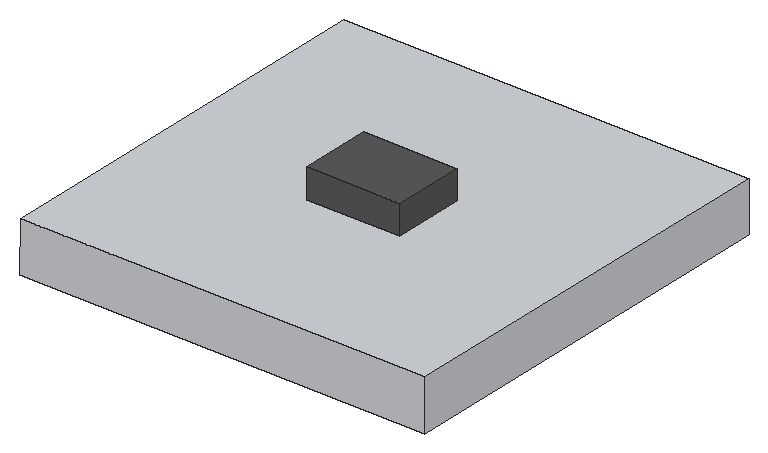
Revit family "r2018_videomax_storage", category Устройства связи, Revit 2018 (continued)
Definition of nested family "videomax_19 4U (JBOD)"
  Lines and regions (mm)
    model lines, visible <- "Front", detail levels fine
      curve 3806: line (156.279, 1327.537, 0) -> (155.637, 1327.613, 0)
      curve 3807: line (155.637, 1327.613, 0) -> (155.637, 1351.38, 0)
      curve 3825: line (155.577, 1323.04, 0) -> (155.589, 1325.409, 0)
      curve 3826: line (155.589, 1325.409, 0) -> (256.937, 1325.409, 0)
      curve 3827: line (256.937, 1325.409, 0) -> (256.937, 1299.493, 0)
      curve 3828: line (256.937, 1299.493, 0) -> (254.433, 1299.196, 0)
      curve 3829: line (254.433, 1299.196, 0) -> (156.236, 1299.196, 0)
      curve 3830: line (156.236, 1299.196, 0) -> (155.594, 1299.273, 0)
      curve 3831: line (155.594, 1299.273, 0) -> (155.594, 1323.04, 0)
      curve 3849: line (155.729, 1294.547, 0) -> (155.741, 1296.917, 0)
      curve 3850: line (155.741, 1296.917, 0) -> (257.089, 1296.917, 0)
      curve 3851: line (257.089, 1296.917, 0) -> (257.089, 1271.001, 0)
      curve 3852: line (257.089, 1271.001, 0) -> (254.585, 1270.704, 0)
      curve 3853: line (254.585, 1270.704, 0) -> (156.388, 1270.704, 0)
      curve 3854: line (156.388, 1270.704, 0) -> (155.746, 1270.78, 0)
      curve 3855: line (155.746, 1270.78, 0) -> (155.746, 1294.547, 0)
      curve 3873: line (262.983, 1379.505, 0) -> (262.995, 1381.875, 0)
      curve 3874: line (262.995, 1381.875, 0) -> (364.343, 1381.875, 0)
      curve 3875: line (364.343, 1381.875, 0) -> (364.343, 1355.959, 0)
      curve 3876: line (364.343, 1355.959, 0) -> (361.839, 1355.662, 0)
      curve 3877: line (361.839, 1355.662, 0) -> (263.641, 1355.662, 0)
      curve 3878: line (263.641, 1355.662, 0) -> (262.999, 1355.738, 0)
      curve 3879: line (262.999, 1355.738, 0) -> (262.999, 1379.505, 0)
      curve 3897: line (262.982, 1351.147, 0) -> (262.993, 1353.517, 0)
      curve 3898: line (262.993, 1353.517, 0) -> (364.341, 1353.517, 0)
      curve 3899: line (364.341, 1353.517, 0) -> (364.341, 1327.601, 0)
      curve 3900: line (364.341, 1327.601, 0) -> (361.837, 1327.304, 0)
      curve 3901: line (361.837, 1327.304, 0) -> (263.64, 1327.304, 0)
      curve 3902: line (263.64, 1327.304, 0) -> (262.998, 1327.38, 0)
      curve 3903: line (262.998, 1327.38, 0) -> (262.998, 1351.147, 0)
      curve 3921: line (262.939, 1322.807, 0) -> (262.95, 1325.176, 0)
      curve 3922: line (262.95, 1325.176, 0) -> (364.298, 1325.176, 0)
      curve 3923: line (364.298, 1325.176, 0) -> (364.298, 1299.26, 0)
      curve 3924: line (364.298, 1299.26, 0) -> (361.794, 1298.963, 0)
      curve 3925: line (361.794, 1298.963, 0) -> (263.597, 1298.963, 0)
      curve 3926: line (263.597, 1298.963, 0) -> (262.955, 1299.04, 0)
      curve 3927: line (262.955, 1299.04, 0) -> (262.955, 1322.807, 0)
      curve 3945: line (263.091, 1294.314, 0) -> (263.102, 1296.684, 0)
      curve 3946: line (263.102, 1296.684, 0) -> (364.45, 1296.684, 0)
      curve 3947: line (364.45, 1296.684, 0) -> (364.45, 1270.768, 0)
      curve 3948: line (364.45, 1270.768, 0) -> (361.946, 1270.471, 0)
      curve 3949: line (361.946, 1270.471, 0) -> (263.749, 1270.471, 0)
      curve 3950: line (263.749, 1270.471, 0) -> (263.107, 1270.547, 0)
      curve 3951: line (263.107, 1270.547, 0) -> (263.107, 1294.314, 0)
      curve 3969: line (370.402, 1379.756, 0) -> (370.413, 1382.126, 0)
      curve 3970: line (370.413, 1382.126, 0) -> (471.761, 1382.126, 0)
      curve 3971: line (471.761, 1382.126, 0) -> (471.761, 1356.21, 0)
      curve 3972: line (471.761, 1356.21, 0) -> (469.257, 1355.913, 0)
      curve 3973: line (469.257, 1355.913, 0) -> (371.06, 1355.913, 0)
      curve 3974: line (371.06, 1355.913, 0) -> (370.418, 1355.989, 0)
      curve 3975: line (370.418, 1355.989, 0) -> (370.418, 1379.756, 0)
      curve 3993: line (370.401, 1351.398, 0) -> (370.412, 1353.768, 0)
      curve 3994: line (370.412, 1353.768, 0) -> (471.76, 1353.768, 0)
      curve 3995: line (471.76, 1353.768, 0) -> (471.76, 1327.852, 0)
      curve 3996: line (471.76, 1327.852, 0) -> (469.256, 1327.555, 0)
      curve 3997: line (469.256, 1327.555, 0) -> (371.059, 1327.555, 0)
      curve 3998: line (371.059, 1327.555, 0) -> (370.417, 1327.631, 0)
      curve 3999: line (370.417, 1327.631, 0) -> (370.417, 1351.398, 0)
      curve 4017: line (370.357, 1323.057, 0) -> (370.369, 1325.427, 0)
      curve 4018: line (370.369, 1325.427, 0) -> (471.717, 1325.427, 0)
      curve 4019: line (471.717, 1325.427, 0) -> (471.717, 1299.511, 0)
      curve 4020: line (471.717, 1299.511, 0) -> (469.213, 1299.214, 0)
      curve 4021: line (469.213, 1299.214, 0) -> (371.016, 1299.214, 0)
      curve 4022: line (371.016, 1299.214, 0) -> (370.373, 1299.291, 0)
      curve 4023: line (370.373, 1299.291, 0) -> (370.373, 1323.057, 0)
      curve 4041: line (370.509, 1294.565, 0) -> (370.521, 1296.935, 0)
      curve 4042: line (370.521, 1296.935, 0) -> (471.869, 1296.935, 0)
      curve 4043: line (471.869, 1296.935, 0) -> (471.869, 1271.019, 0)
      curve 4044: line (471.869, 1271.019, 0) -> (469.365, 1270.722, 0)
      curve 4045: line (469.365, 1270.722, 0) -> (371.168, 1270.722, 0)
      curve 4046: line (371.168, 1270.722, 0) -> (370.526, 1270.798, 0)
      curve 4047: line (370.526, 1270.798, 0) -> (370.526, 1294.565, 0)
      curve 4449: line (45.595, 1443.277, 0) -> (474.594, 1443.277, 0)
      curve 4450: line (474.594, 1443.277, 0) -> (474.594, 1267.277, 0)
      curve 4451: line (474.594, 1267.277, 0) -> (45.595, 1267.277, 0)
      curve 4452: line (45.595, 1267.277, 0) -> (45.595, 1443.277, 0)
      curve 4453: line (48.345, 1408.445, 0) -> (48.356, 1410.815, 0)
      curve 4454: line (48.356, 1410.815, 0) -> (149.704, 1410.815, 0)
      curve 4455: line (149.704, 1410.815, 0) -> (149.704, 1384.899, 0)
      curve 4456: line (149.704, 1384.899, 0) -> (147.2, 1384.602, 0)
      curve 4457: line (147.2, 1384.602, 0) -> (49.003, 1384.602, 0)
      curve 4458: line (49.003, 1384.602, 0) -> (48.361, 1384.678, 0)
      curve 4459: line (48.361, 1384.678, 0) -> (48.361, 1408.445, 0)
      curve 4477: line (48.345, 1436.799, 0) -> (48.356, 1439.168, 0)
      curve 4478: line (48.356, 1439.168, 0) -> (149.704, 1439.168, 0)
      curve 4479: line (149.704, 1439.168, 0) -> (149.704, 1413.252, 0)
      curve 4480: line (149.704, 1413.252, 0) -> (147.2, 1412.955, 0)
      curve 4481: line (147.2, 1412.955, 0) -> (49.003, 1412.955, 0)
      curve 4482: line (49.003, 1412.955, 0) -> (48.361, 1413.032, 0)
      curve 4483: line (48.361, 1413.032, 0) -> (48.361, 1436.799, 0)
      curve 4501: line (155.718, 1436.799, 0) -> (155.729, 1439.168, 0)
      curve 4502: line (155.729, 1439.168, 0) -> (257.077, 1439.168, 0)
      curve 4503: line (257.077, 1439.168, 0) -> (257.077, 1413.252, 0)
      curve 4504: line (257.077, 1413.252, 0) -> (254.573, 1412.955, 0)
      curve 4505: line (254.573, 1412.955, 0) -> (156.376, 1412.955, 0)
      curve 4506: line (156.376, 1412.955, 0) -> (155.734, 1413.032, 0)
      curve 4507: line (155.734, 1413.032, 0) -> (155.734, 1436.799, 0)
      curve 4525: line (155.718, 1408.445, 0) -> (155.729, 1410.815, 0)
      curve 4526: line (155.729, 1410.815, 0) -> (257.077, 1410.815, 0)
      curve 4527: line (257.077, 1410.815, 0) -> (257.077, 1384.899, 0)
      curve 4528: line (257.077, 1384.899, 0) -> (254.573, 1384.602, 0)
      curve 4529: line (254.573, 1384.602, 0) -> (156.376, 1384.602, 0)
      curve 4530: line (156.376, 1384.602, 0) -> (155.734, 1384.678, 0)
      curve 4531: line (155.734, 1384.678, 0) -> (155.734, 1408.445, 0)
      curve 4549: line (263.091, 1408.445, 0) -> (263.102, 1410.815, 0)
      curve 4550: line (263.102, 1410.815, 0) -> (364.45, 1410.815, 0)
      curve 4551: line (364.45, 1410.815, 0) -> (364.45, 1384.899, 0)
      curve 4552: line (364.45, 1384.899, 0) -> (361.946, 1384.602, 0)
      curve 4553: line (361.946, 1384.602, 0) -> (263.749, 1384.602, 0)
      curve 4554: line (263.749, 1384.602, 0) -> (263.107, 1384.678, 0)
      curve 4555: line (263.107, 1384.678, 0) -> (263.107, 1408.445, 0)
      curve 4573: line (263.091, 1436.799, 0) -> (263.102, 1439.168, 0)
      curve 4574: line (263.102, 1439.168, 0) -> (364.45, 1439.168, 0)
      curve 4575: line (364.45, 1439.168, 0) -> (364.45, 1413.252, 0)
      curve 4576: line (364.45, 1413.252, 0) -> (361.946, 1412.955, 0)
      curve 4577: line (361.946, 1412.955, 0) -> (263.749, 1412.955, 0)
      curve 4578: line (263.749, 1412.955, 0) -> (263.107, 1413.032, 0)
      curve 4579: line (263.107, 1413.032, 0) -> (263.107, 1436.799, 0)
      curve 4597: line (370.463, 1436.799, 0) -> (370.475, 1439.168, 0)
      curve 4598: line (370.475, 1439.168, 0) -> (471.823, 1439.168, 0)
      curve 4599: line (471.823, 1439.168, 0) -> (471.823, 1413.252, 0)
      curve 4600: line (471.823, 1413.252, 0) -> (469.319, 1412.955, 0)
      curve 4601: line (469.319, 1412.955, 0) -> (371.122, 1412.955, 0)
      curve 4602: line (371.122, 1412.955, 0) -> (370.48, 1413.032, 0)
      curve 4603: line (370.48, 1413.032, 0) -> (370.48, 1436.799, 0)
      curve 4621: line (370.463, 1408.445, 0) -> (370.475, 1410.815, 0)
      curve 4622: line (370.475, 1410.815, 0) -> (471.823, 1410.815, 0)
      curve 4623: line (471.823, 1410.815, 0) -> (471.823, 1384.899, 0)
      curve 4624: line (471.823, 1384.899, 0) -> (469.319, 1384.602, 0)
      curve 4625: line (469.319, 1384.602, 0) -> (371.122, 1384.602, 0)
      curve 4626: line (371.122, 1384.602, 0) -> (370.48, 1384.678, 0)
      curve 4627: line (370.48, 1384.678, 0) -> (370.48, 1408.445, 0)
      curve 4645: line (21.525, 1443.277, 0) -> (498.663, 1443.277, 0)
      curve 4646: line (501.095, 1440.845, 0) -> (501.095, 1269.804, 0)
      curve 4647: line (498.663, 1267.277, 0) -> (21.491, 1267.277, 0)
      curve 4648: line (19.095, 1269.673, 0) -> (19.095, 1440.876, 0)
      curve 4649: line (26.777, 1430.063, 0) -> (30.511, 1430.063, 0)
      curve 4650: line (30.511, 1422.711, 0) -> (26.777, 1422.711, 0)
      curve 4651: line (30.511, 1287.844, 0) -> (26.777, 1287.844, 0)
      curve 4652: line (26.777, 1280.491, 0) -> (30.511, 1280.491, 0)
      curve 4653: line (489.158, 1430.063, 0) -> (492.892, 1430.063, 0)
      curve 4654: line (492.892, 1422.711, 0) -> (489.158, 1422.711, 0)
      curve 4655: line (492.892, 1287.844, 0) -> (489.158, 1287.844, 0)
      curve 4656: line (489.158, 1280.491, 0) -> (492.892, 1280.491, 0)
      curve 4657: line (28.453, 1394.211, 0) -> (28.453, 1317.27, 0)
      curve 4658: line (22.371, 1317.27, 0) -> (22.371, 1394.211, 0)
      curve 4659: line (497.298, 1394.211, 0) -> (497.298, 1317.27, 0)
      curve 4660: line (491.216, 1317.27, 0) -> (491.216, 1394.211, 0)
    model lines, visible <- "Back", detail levels fine
      curve 1019: line (-122.08, 29.152, 0) -> (-120.824, 29.203, 0)
      curve 1020: line (-120.824, 29.203, 0) -> (-120.824, 31.411, 0)
      curve 1021: line (-120.824, 31.411, 0) -> (-121.503, 32.093, 0)
      curve 1031: line (-120.911, 62.657, 0) -> (-120.827, 63.612, 0)
      curve 1032: line (-120.827, 63.612, 0) -> (-120.835, 65.631, 0)
      curve 1083: line (-202.064, 81.492, 0) -> (-160.26, 81.492, 0)
      curve 1084: line (-160.26, 81.492, 0) -> (-160.26, 0, 0)
      curve 1085: line (-160.26, 0, 0) -> (-202.064, 0, 0)
      curve 1086: line (-202.064, 0, 0) -> (-202.064, 81.492, 0)
      curve 1087: line (-160.262, 81.492, 0) -> (-118.458, 81.492, 0)
      curve 1088: line (-118.458, 81.492, 0) -> (-118.458, 0, 0)
      curve 1089: line (-118.458, 0, 0) -> (-160.262, 0, 0)
      curve 1090: line (-160.262, 0, 0) -> (-160.262, 81.492, 0)
      curve 1137: line (-89.752, 121.064, 0) -> (-25.232, 121.064, 0)
      curve 1138: line (-25.232, 121.064, 0) -> (-25.232, 61.456, 0)
      curve 1139: line (-25.232, 61.456, 0) -> (-89.752, 61.456, 0)
      curve 1140: line (-89.752, 61.456, 0) -> (-89.752, 121.064, 0)
      curve 1165: line (-13.158, 121.064, 0) -> (51.362, 121.064, 0)
      curve 1166: line (51.362, 121.064, 0) -> (51.362, 61.456, 0)
      curve 1167: line (51.362, 61.456, 0) -> (-13.158, 61.456, 0)
      curve 1168: line (-13.158, 61.456, 0) -> (-13.158, 121.064, 0)
      curve 1169: line (-105.55, 121.064, 0) -> (207.993, 121.064, 0)
      curve 1170: line (207.993, 121.064, 0) -> (207.993, 9.649, 0)
      curve 1171: line (207.993, 9.649, 0) -> (-105.55, 9.649, 0)
      curve 1172: line (-105.55, 9.649, 0) -> (-105.55, 121.064, 0)
      curve 1173: line (-214.517, 176, 0) -> (214.481, 176, 0)
      curve 1174: line (214.481, 176, 0) -> (214.481, 0, 0)
      curve 1175: line (214.481, 0, 0) -> (-214.517, 0, 0)
      curve 1176: line (-214.517, 0, 0) -> (-214.517, 176, 0)
      curve 1177: line (79.189, 20.328, 0) -> (66.549, 20.328, 0)
      curve 1178: line (66.549, 20.328, 0) -> (66.549, 121.064, 0)
      curve 1179: line (66.549, 121.064, 0) -> (79.189, 121.064, 0)
      curve 1180: line (79.189, 121.064, 0) -> (79.189, 20.328, 0)
      curve 1181: line (99.462, 20.328, 0) -> (86.822, 20.328, 0)
      curve 1182: line (86.822, 20.328, 0) -> (86.822, 121.064, 0)
      curve 1183: line (86.822, 121.064, 0) -> (99.462, 121.064, 0)
      curve 1184: line (99.462, 121.064, 0) -> (99.462, 20.328, 0)
      curve 1185: line (119.734, 20.328, 0) -> (107.34, 20.328, 0)
      curve 1186: line (107.34, 20.328, 0) -> (107.34, 121.064, 0)
      curve 1187: line (107.34, 121.064, 0) -> (119.734, 121.064, 0)
      curve 1188: line (119.734, 121.064, 0) -> (119.734, 20.328, 0)
      curve 1189: line (140.007, 20.328, 0) -> (127.367, 20.328, 0)
      curve 1190: line (127.367, 20.328, 0) -> (127.367, 121.064, 0)
      curve 1191: line (127.367, 121.064, 0) -> (140.007, 121.064, 0)
      curve 1192: line (140.007, 121.064, 0) -> (140.007, 20.328, 0)
      curve 1193: line (160.279, 20.328, 0) -> (147.64, 20.328, 0)
      curve 1194: line (147.64, 20.328, 0) -> (147.64, 121.064, 0)
      curve 1195: line (147.64, 121.064, 0) -> (160.279, 121.064, 0)
      curve 1196: line (160.279, 121.064, 0) -> (160.279, 20.328, 0)
      curve 1197: line (180.552, 20.328, 0) -> (167.912, 20.328, 0)
      curve 1198: line (167.912, 20.328, 0) -> (167.912, 121.064, 0)
      curve 1199: line (167.912, 121.064, 0) -> (180.552, 121.064, 0)
      curve 1200: line (180.552, 121.064, 0) -> (180.552, 20.328, 0)
      curve 1201: line (200.824, 20.328, 0) -> (188.185, 20.328, 0)
      curve 1202: line (188.185, 20.328, 0) -> (188.185, 121.064, 0)
      curve 1203: line (188.185, 121.064, 0) -> (200.824, 121.064, 0)
      curve 1204: line (200.824, 121.064, 0) -> (200.824, 20.328, 0)
      curve 1251: line (-99.42, 9.649, 0) -> (60.37, 9.649, 0)
      curve 1252: line (60.37, 9.649, 0) -> (60.37, 56.166, 0)
      curve 1253: line (60.37, 56.166, 0) -> (-99.42, 56.166, 0)
      curve 1254: line (-99.42, 56.166, 0) -> (-99.42, 9.649, 0)
      curve 3271: line (389.538, 217.612, 0) -> (390.794, 217.663, 0)
      curve 3272: line (390.794, 217.663, 0) -> (390.794, 219.871, 0)
      curve 3273: line (390.794, 219.871, 0) -> (390.114, 220.553, 0)
      curve 3283: line (390.707, 251.116, 0) -> (390.791, 252.072, 0)
      curve 3284: line (390.791, 252.072, 0) -> (390.783, 254.091, 0)
      curve 3335: line (309.554, 269.951, 0) -> (351.358, 269.951, 0)
      curve 3336: line (351.358, 269.951, 0) -> (351.358, 188.46, 0)
      curve 3337: line (351.358, 188.46, 0) -> (309.554, 188.46, 0)
      curve 3338: line (309.554, 188.46, 0) -> (309.554, 269.951, 0)
      curve 3339: line (351.356, 269.951, 0) -> (393.16, 269.951, 0)
      curve 3340: line (393.16, 269.951, 0) -> (393.16, 188.46, 0)
      curve 3341: line (393.16, 188.46, 0) -> (351.356, 188.46, 0)
      curve 3342: line (351.356, 188.46, 0) -> (351.356, 269.951, 0)
      curve 3389: line (421.866, 309.524, 0) -> (486.386, 309.524, 0)
      curve 3390: line (486.386, 309.524, 0) -> (486.386, 249.916, 0)
      curve 3391: line (486.386, 249.916, 0) -> (421.866, 249.916, 0)
      curve 3392: line (421.866, 249.916, 0) -> (421.866, 309.524, 0)
      curve 3417: line (498.46, 309.524, 0) -> (562.98, 309.524, 0)
      curve 3418: line (562.98, 309.524, 0) -> (562.98, 249.916, 0)
      curve 3419: line (562.98, 249.916, 0) -> (498.46, 249.916, 0)
      curve 3420: line (498.46, 249.916, 0) -> (498.46, 309.524, 0)
      curve 3421: line (406.068, 309.524, 0) -> (719.611, 309.524, 0)
      curve 3422: line (719.611, 309.524, 0) -> (719.611, 198.109, 0)
      curve 3423: line (719.611, 198.109, 0) -> (406.068, 198.109, 0)
      curve 3424: line (406.068, 198.109, 0) -> (406.068, 309.524, 0)
      curve 3425: line (297.101, 364.46, 0) -> (726.099, 364.46, 0)
      curve 3426: line (726.099, 364.46, 0) -> (726.099, 188.46, 0)
      curve 3427: line (726.099, 188.46, 0) -> (297.101, 188.46, 0)
      curve 3428: line (297.101, 188.46, 0) -> (297.101, 364.46, 0)
      curve 3429: line (590.807, 208.787, 0) -> (578.167, 208.787, 0)
      curve 3430: line (578.167, 208.787, 0) -> (578.167, 309.524, 0)
      curve 3431: line (578.167, 309.524, 0) -> (590.807, 309.524, 0)
      curve 3432: line (590.807, 309.524, 0) -> (590.807, 208.787, 0)
      curve 3433: line (611.08, 208.787, 0) -> (598.44, 208.787, 0)
      curve 3434: line (598.44, 208.787, 0) -> (598.44, 309.524, 0)
      curve 3435: line (598.44, 309.524, 0) -> (611.08, 309.524, 0)
      curve 3436: line (611.08, 309.524, 0) -> (611.08, 208.787, 0)
      curve 3437: line (631.352, 208.787, 0) -> (618.958, 208.787, 0)
      curve 3438: line (618.958, 208.787, 0) -> (618.958, 309.524, 0)
      curve 3439: line (618.958, 309.524, 0) -> (631.352, 309.524, 0)
      curve 3440: line (631.352, 309.524, 0) -> (631.352, 208.787, 0)
      curve 3441: line (651.625, 208.787, 0) -> (638.985, 208.787, 0)
      curve 3442: line (638.985, 208.787, 0) -> (638.985, 309.524, 0)
      curve 3443: line (638.985, 309.524, 0) -> (651.625, 309.524, 0)
      curve 3444: line (651.625, 309.524, 0) -> (651.625, 208.787, 0)
      curve 3445: line (671.897, 208.787, 0) -> (659.258, 208.787, 0)
      curve 3446: line (659.258, 208.787, 0) -> (659.258, 309.524, 0)
      curve 3447: line (659.258, 309.524, 0) -> (671.897, 309.524, 0)
      curve 3448: line (671.897, 309.524, 0) -> (671.897, 208.787, 0)
      curve 3449: line (692.17, 208.787, 0) -> (679.53, 208.787, 0)
      curve 3450: line (679.53, 208.787, 0) -> (679.53, 309.524, 0)
      curve 3451: line (679.53, 309.524, 0) -> (692.17, 309.524, 0)
      curve 3452: line (692.17, 309.524, 0) -> (692.17, 208.787, 0)
      curve 3453: line (712.442, 208.787, 0) -> (699.803, 208.787, 0)
      curve 3454: line (699.803, 208.787, 0) -> (699.803, 309.524, 0)
      curve 3455: line (699.803, 309.524, 0) -> (712.442, 309.524, 0)
      curve 3456: line (712.442, 309.524, 0) -> (712.442, 208.787, 0)
      curve 3503: line (412.198, 198.109, 0) -> (571.988, 198.109, 0)
      curve 3504: line (571.988, 198.109, 0) -> (571.988, 244.625, 0)
      curve 3505: line (571.988, 244.625, 0) -> (412.198, 244.625, 0)
      curve 3506: line (412.198, 244.625, 0) -> (412.198, 198.109, 0)
  Dimensions and locks
    aligned and locked: level to plane 2
Types (3, lengths in mm): name | Default Elevation | Изображение типоразмера | Высота в U | Высота | Front | Back | ADSK_Обозначение | ADSK_Наименование | 4_LOD_300 | 3_LOD_300 | 2_LOD_300 | 19” 4U (4ETS) | 19” 3U (3ETS) | 19” 2U (2ETS)
  19” 2U (2ETS) | 0 | 19 (2U) Short.png | 2 | 88 | videomax_19 2U (JBOD) : Front | videomax_19 2U (JBOD) : Back | "19” 2U (2ETS)" | "Сетевое хранилище видеоданных 19” 2U" | no | no | yes | no | no | yes
  19” 3U (3ETS) | 2600 | 19 (3U) Short.png | 3 | 131 | videomax_19 3U (JBOD) : Front | videomax_19 3U (JBOD) : Back | "19” 3U (3ETS)" | "Сетевое хранилище видеоданных 19” 3U" | no | yes | no | no | yes | no
  19” 4U (4ETS) | 2600 | 19 (4U) Short.png | 4 | 176 | videomax_19 4U (JBOD) : Front | videomax_19 4U (JBOD) : Back | "19” 4U (4ETS)" | "Сетевое хранилище видеоданных 19” 4U" | yes | no | no | yes | no | no
